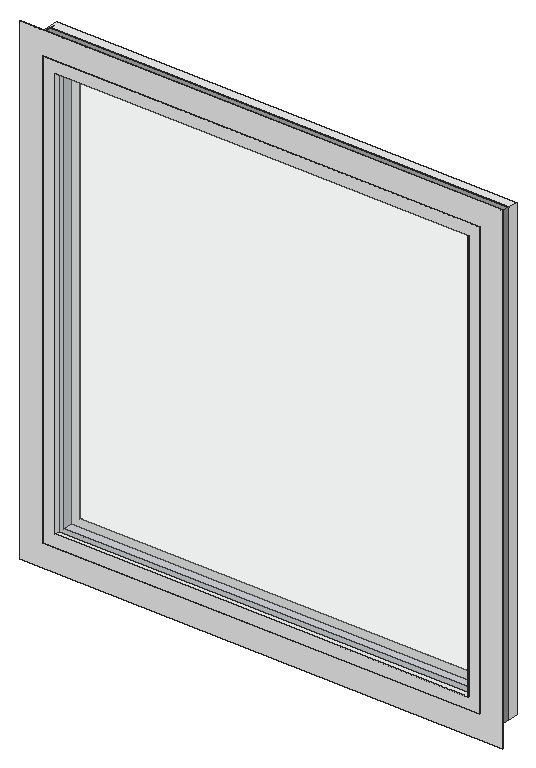
Revit family "Edge_TB42_F_Side_Hung_Custom", category Windows, host Wall, Revit 2014
Parameters (values of type "Casement_Sash_DG")
  Width Sash [instance] = 30 mm
  Width Sash Inner = 15 mm
  Width Bead = 15 mm
  Top Hung [instance] = yes
  Thermal Break Material = Rubber, Black
  Thermal Break Length = 16 mm
  Side Hung Right [instance] = yes
  Side Hung Left [instance] = yes
  Sash Opening Width [instance] = 600 mm
  Sash Opening Height [instance] = 600 mm
  Sash Lip = 15 mm
  Sash Leg [instance] = (Depth Sash - Thermal Break Length) / 2  # 13 mm
  SG Bead Leg = 6.683 mm
  Glazing Material [instance] = Glass
  Glazing Offset = 5 mm
  DG Start Piece 2 [instance] = DG End Piece 1 + DG Gasket Thickness  # 24.158 mm
  DG Start Peice 1 [instance] = ((Depth Sash - (2 * DG Glazing Thickness) - DG Gasket Thickness) / 2) - (SG Bead Leg - Aluminium Thickness) / 2  # 5.758 mm
  DG Glazing Thickness [instance] = 6.4 mm
  DG Gasket Thickness = 12 mm  # constant formula
  DG Gasket Material [instance] = none
  Depth Sash [instance] = 42 mm
  DG End Piece 2 [instance] = DG Start Piece 2 + DG Glazing Thickness  # 30.558 mm
  DG End Piece 1 [instance] = DG Start Peice 1 + DG Glazing Thickness  # 12.158 mm
  Center Vertical Sash [instance] = Sash Opening Height / 2  # 300 mm
  Center Horizontal Sash [instance] = Sash Opening Width / 2  # 300 mm
  Bottom Hung [instance] = yes
  Bead Offset = 15 mm
  Aluminium Thickness = 1 mm
  Aluminium Material [instance] = White Powder Coated Aluminium
Reference planes
  plane 1 "Center (Front/Back)": y = 0
  plane 2: z = 0
  plane 3 "Center (Left/Right)": x = 0
Forms (mm)
  Sweep 1, solid, material "White Powder Coated Aluminium" <- "Aluminium Material"
    path origin (16.177, 0, 121.331) x (1, 0, 0) y (0, 0, 1)
      loop
        line (0, 0) -> (600, 0) -> (600, 600) -> (0, 600) -> (0, 0)
    profile origin (316.177, 0, 121.331) x (0, 0, 1) y (0, -1, 0)
      loop
        line (0, 0) -> (30, 0) -> (30, 1) -> (15, 1) -> (15, 13) -> (14, 13) -> (14, 1) -> (1, 1) -> (1, 13) -> (0, 13) -> (0, 0)
      loop
        line (15, 42) -> (-15, 42) -> (-15, 41) -> (0, 41) -> (0, 29) -> (1, 29) -> (1, 41) -> (14, 41) -> (14, 29) -> (15, 29) -> (15, 42)
  Sweep 2, solid, material "White Powder Coated Aluminium" <- "Aluminium Material"
    path origin (0, 0, 0) x (1, 0, 0) y (0, 0, 1)
      loop
        line (31.177, 706.331) -> (31.177, 136.331) -> (601.177, 136.331) -> (601.177, 706.331) -> (31.177, 706.331)
    profile origin (316.177, 0, 706.331) x (0, 0, 1) y (0, -1, 0)
      loop
        line (0, 41) -> (0, 42) -> (-15, 42) -> (-15, 35.317) -> (-14, 35.317) -> (-14, 41) -> (0, 41)
  Extrusion 3, solid, material "Glass" <- "Glazing Material"
    sketch origin (0, 0, 0) x (1, 0, 0) y (0, 0, 1)
      loop
        line (36.177, 701.331) -> (36.177, 141.331) -> (596.177, 141.331) -> (596.177, 701.331) -> (36.177, 701.331)
    from 5.758 <- "DG Start Peice 1" to 12.158 <- "DG End Piece 1"
  Extrusion 4, solid, material "Glass" <- "Glazing Material"
    sketch origin (0, 0, 0) x (1, 0, 0) y (0, 0, 1)
      loop
        line (36.177, 701.331) -> (36.177, 141.331) -> (596.177, 141.331) -> (596.177, 701.331) -> (36.177, 701.331)
    from 30.558 <- "DG End Piece 2" to 24.158 <- "DG Start Piece 2"
  Sweep 5, solid, material <- "DG Gasket Material"
    path origin (0, -12.158, 0) x (1, 0, 0) y (0, 0, 1)
      loop
        line (36.177, 701.331) -> (36.177, 141.331) -> (596.177, 141.331) -> (596.177, 701.331) -> (36.177, 701.331)
    profile origin (316.177, -12.158, 701.331) x (0, 0, 1) y (0, -1, 0)
      loop
        line (0, 0) -> (0, 12) -> (-7.96, 12) -> (-7.96, 0) -> (0, 0)
  Sweep 6, solid, material "Rubber, Black" <- "Thermal Break Material"
    path origin (16.177, -13, 121.331) x (1, 0, 0) y (0, 0, 1)
      loop
        line (-15, 615) -> (-15, -15) -> (615, -15) -> (615, 615) -> (-15, 615)
    profile origin (316.177, -13, 736.331) x (0, 0, 1) y (0, -1, 0)
      loop
        line (-15, 16) -> (-16, 16) -> (-16, 0) -> (-15, 0) -> (-15, 16)
      loop
        line (-29, 16) -> (-30, 16) -> (-30, 0) -> (-29, 0) -> (-29, 16)
Lines and regions (mm)
  model lines
    curve 1: line (1.177, -42, 736.331) -> (31.177, -42, 706.331)
    curve 2: line (601.177, -42, 706.331) -> (631.177, -42, 736.331)
    curve 3: line (601.177, -42, 136.331) -> (631.177, -42, 106.331)
    curve 4: line (1.177, -42, 106.331) -> (31.177, -42, 136.331)
    curve 5: line (631.177, -41, 736.331) -> (616.177, -41, 721.331)
    curve 6: line (1.177, -41, 736.331) -> (16.177, -41, 721.331)
    curve 7: line (1.177, -41, 106.331) -> (16.177, -41, 121.331)
    curve 8: line (631.177, -41, 106.331) -> (616.177, -41, 121.331)
    curve 9: line (616.177, 0, 121.331) -> (586.177, 0, 151.331)
    curve 10: line (46.177, 0, 151.331) -> (16.177, 0, 121.331)
    curve 11: line (616.177, 0, 721.331) -> (586.177, 0, 691.331)
    curve 12: line (46.177, 0, 691.331) -> (16.177, 0, 721.331)
    curve 13: line (31.177, -42, 691.331) -> (46.177, -42, 691.331)
    curve 14: line (586.177, -42, 691.331) -> (601.177, -42, 691.331)
    curve 15: line (586.177, -42, 151.331) -> (601.177, -42, 151.331)
    curve 16: line (31.177, -42, 151.331) -> (46.177, -42, 151.331)
  model lines, style "GenericModelHiddenLines", visible <- "Top Hung"
    curve 17: line (46.386, -30.558, 690.602) -> (316.177, -30.558, 151.331)
    curve 18: line (316.177, -30.558, 151.331) -> (586.177, -30.558, 691.018)
  model lines, style "GenericModelHiddenLines", visible <- "Bottom Hung"
    curve 19: line (46.177, -30.558, 151.331) -> (316.177, -30.558, 691.018)
    curve 20: line (316.177, -30.558, 691.018) -> (586.177, -30.558, 151.331)
  model lines, style "GenericModelHiddenLines", visible <- "Side Hung Left"
    curve 21: line (46.386, -30.558, 690.602) -> (585.24, -30.558, 421.331)
    curve 22: line (585.24, -30.558, 421.331) -> (46.177, -30.558, 151.331)
  model lines, style "GenericModelHiddenLines", visible <- "Side Hung Right"
    curve 23: line (586.177, -30.558, 691.018) -> (46.177, -30.558, 421.331)
    curve 24: line (46.177, -30.558, 421.331) -> (586.177, -30.558, 151.331)
Dimensions and locks
  "Aluminium Thickness": Sweep 1 sketch curve to Sweep 1 sketch curve  (x6)
  "Depth Sash": Sweep 1 sketch curve to Sweep 1 sketch curve
  "Sash Opening Width": Sweep 1 to Sweep 1
  "Sash Opening Height": Sweep 1 to Sweep 1
  "Width Sash": Sweep 1 sketch curve to Sweep 1 sketch curve  (x2)
  "Width Sash Inner": Sweep 1 sketch curve to Sweep 1 sketch curve
  "Sash Lip": Sweep 1 sketch curve to Sweep 1 sketch curve
  "Glazing Offset": Sweep 2 to Extrusion 3 sketch curve  (x3)
  "Glazing Offset": Extrusion 3 sketch curve to Sweep 2
  Sweep 1 to Sweep 1 = 1 mm
  "Width Bead": Sweep 2 sketch curve to Sweep 2 sketch curve
  locked: Sweep 5 sketch curve to Sweep 5 sketch curve at 7.96
  "Center Horizontal Sash": Sweep 1 to curve 18
  "Center Horizontal Sash": Sweep 1 to curve 20
  "Center Vertical Sash": Sweep 1 to curve 22
  "Center Vertical Sash": Sweep 1 to curve 24
  "Sash Leg": Sweep 1 sketch curve to Sweep 1 sketch curve
  "Aluminium Thickness": Sweep 2 sketch curve to Sweep 2 sketch curve  (x2)
  "SG Bead Leg": Sweep 2 sketch curve to Sweep 2 sketch curve
  aligned and locked: level to plane 2
  aligned and locked: Sweep 1 sketch curve to Sweep 1 sketch curve  (x3)
  aligned and locked: Sweep 2 sketch curve to Sweep 1  (x4)
  aligned and locked: Sweep 1 to Sweep 2 sketch curve  (x2)
  aligned and locked: Extrusion 4 sketch curve to Extrusion 3  (x4)
  aligned and locked: Sweep 5 sketch curve to Extrusion 3  (x5)
  aligned and locked: Extrusion 3 to Sweep 5 sketch curve
  aligned and locked: Sweep 6 sketch curve to Sweep 1  (x10)
  aligned and locked: Sweep 1 to Sweep 6 sketch curve  (x2)
Automatic sketch dimensions
  plane 3 "Center (Left/Right)" to Sweep 1 sketch curve = 16.177 mm
  level to Sweep 1 sketch curve = 121.331 mm
  plane 3 "Center (Left/Right)" to Sweep 1 sketch curve = 616.177 mm
  level to Sweep 1 sketch curve = 721.331 mm
  profile plane to Sweep 5 sketch curve = 12 mm
  curve 7 to Sweep 1 = 0 mm  (x4)
  curve 6 to Sweep 1 = 0 mm  (x3)
  Sweep 1 to curve 6 = 0 mm
  curve 5 to Sweep 1 = 0 mm  (x3)
  curve 8 to Sweep 1 = 0 mm  (x4)
  Sweep 1 to curve 5 = 0 mm
  curve 16 to Sweep 2 = 0 mm  (x3)
  curve 13 to Sweep 2 = 0 mm  (x3)
  curve 15 to Sweep 2 = 0 mm
  Sweep 2 to curve 15 = 0 mm  (x2)
  curve 14 to Sweep 2 = 0 mm  (x2)
  Sweep 2 to curve 14 = 0 mm
  curve 1 to Sweep 1 = 0 mm  (x4)
  curve 4 to Sweep 1 = 0 mm  (x4)
  curve 2 to Sweep 1 = 0 mm  (x4)
  curve 3 to Sweep 1 = 0 mm  (x2)
  Sweep 1 to curve 3 = 0 mm  (x2)
  curve 10 to Sweep 1 = 0 mm  (x4)
  curve 12 to Sweep 1 = 0 mm  (x2)
  Sweep 1 to curve 12 = 0 mm  (x2)
  curve 11 to Sweep 1 = 0 mm  (x4)
  curve 9 to Sweep 1 = 0 mm  (x4)
  profile plane to Sweep 1 sketch curve = 0 mm  (x2)
  Sweep 1 sketch curve to plane 1 "Center (Front/Back)" = 0 mm
  Sweep 1 sketch curve to Sweep 1 sketch curve = 13 mm
  Sweep 1 sketch curve to Sweep 1 sketch curve = 12 mm  (x2)
  curve 21 to Extrusion 4 = 10.208 mm
  curve 19 to Extrusion 4 = 10 mm
  curve 23 to Extrusion 4 = 10 mm  (x2)
  curve 22 to Extrusion 4 = 10.937 mm
  curve 20 to Extrusion 4 = 10 mm
  curve 24 to Extrusion 4 = 10 mm
  curve 22 to Extrusion 4 = 10 mm
  curve 18 to Extrusion 4 = 10 mm
  curve 21 to Extrusion 4 = 10.729 mm
  curve 19 to Extrusion 4 = 10.312 mm
  curve 18 to Extrusion 4 = 10.312 mm
